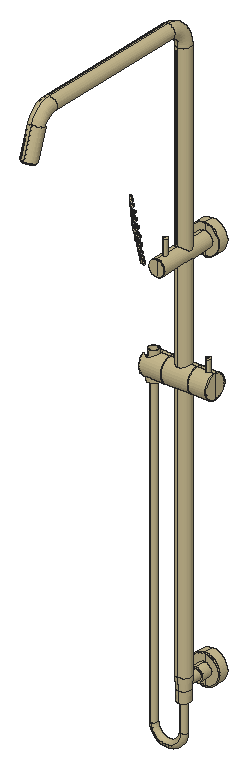
Revit family "Reece_Shower_Mizu_Drift_Twin Waterrail_No Overhead", category Plumbing Fixtures, host Face, Revit 2018
Family settings
  Host = Face
  Round Connector Dimension = Use Diameter
  Part Type = Normal
  Cut with Voids When Loaded = Yes
  Shared = Yes
  Room Calculation Point = Yes
Parameters (values of type "Brushed Nickel")
  URL = "https://www.reece.com.au/product/-9508905"
  Type Comments = "Shower"
  Reece_Shower_Inlet = 15 mm  # constant formula
  Reece_Shower_Clearance = 978 mm  # constant formula
  Reece_Product_Web Page = "https://www.reece.com.au/product/-9508905"
  Reece_Product_Type = "Shower"  # constant formula
  Reece_Product_Sub Brand = "Drift"  # constant formula
  Reece_Product_Number = "9508905"
  Reece_Product_Mount = "Wall Mounted"
  Reece_Product_Description = "Mizu Drift Twin Rail Shower and 120mm Handshower Only with Top Rail Water Inlet Brushed Gold (3 Star)"
  Reece_Product_Brand = "Mizu"  # constant formula
  Reece_Overall_Width = 334 mm  # constant formula
  Reece_Overall_Height = 1062 mm  # constant formula
  Reece_Material_Secondary = Reece_Plastic_White
  Reece_Material_Main = Reece_Brass_Brushed Gold
  Reece_Height_From_Level [instance] = 1800 mm
  Reece_Fixing_Distance = 665 mm  # constant formula
  Reece_Detail_Shape = ""
  Reece_Detail_Installation = ""
  Reece_Detail_Disclaimer = "THIS FILE IS THE PROPERTY OF THE REECE GROUP. IT MAY NOT BE REPRODUCED, REVERSE-ENGINEERED, OR MODIFIED. ANY REPUBLICATION, TRANSMISSION, OR DISTRIBUTION FOR THE PURPOSE OF COMMERCIALLY EXPLOITING THE FILES IS PROHIBITED."  # constant formula
  Reece_Detail_Connector = ""
  Reece_Detail_Additional = "No Overhead"  # constant formula
  Model = "Drift"
  Manufacturer = "Mizu"
  Keynote = "Product #9508905, Reece_Shower_Mizu_Drift_Twin Waterrail_No Overhead - Brushed Gold"
  Disclaimer = "THIS FILE IS THE PROPERTY OF THE REECE GROUP. IT MAY NOT BE REPRODUCED, REVERSE-ENGINEERED, OR MODIFIED. ANY REPUBLICATION, TRANSMISSION, OR DISTRIBUTION FOR THE PURPOSE OF COMMERCIALLY EXPLOITING THE FILES IS PROHIBITED."  # constant formula
  Description = "Mizu Drift Twin Rail Shower and 120mm Handshower Only with Top Rail Water Inlet Brushed Gold (3 Star)"
  Default Elevation = 0 mm
Types (4, lengths in mm): name | URL | Reece_Product_Web Page | Reece_Product_Number | Reece_Product_Description | Reece_Material_Main | Keynote | Description
  Brushed Nickel | "https://www.reece.com.au/product/-9508181" | "https://www.reece.com.au/product/-9508181" | "9508181" | "Mizu Drift Twin Rail Shower and 120mm Handshower Only with Top Rail Water Inlet Brushed Nickel (3 Star)" | Reece_Brass_Brushed Nickel | "Product #9508181, Reece_Shower_Mizu_Drift_Twin Waterrail_No Overhead - Brushed Nickel" | "Mizu Drift Twin Rail Shower and 120mm Handshower Only with Top Rail Water Inlet Brushed Nickel (3 Star)"
  Matte Black | "https://www.reece.com.au/product/-9505808" | "https://www.reece.com.au/product/-9505808" | "9505808" | "Mizu Drift Twin Rail Shower and 120mm Handshower Only with Top Rail Water Inlet Matte Black (3 Star)" | Reece_Brass_Matte Black | "Product #9505808, Reece_Shower_Mizu_Drift_Twin Waterrail_No Overhead - Matte Black" | "Mizu Drift Twin Rail Shower and 120mm Handshower Only with Top Rail Water Inlet Matte Black (3 Star)"
  Chrome | "https://www.reece.com.au/product/-9512141" | "https://www.reece.com.au/product/-9512141" | "9512141" | "Mizu Drift Twin Rail Shower and 120mm Handshower Only with Top Rail Water Inlet Chrome (3 Star)" | Reece_Brass_Chrome | "Product #9512141, Reece_Shower_Mizu_Drift_Twin Waterrail_No Overhead - Chrome" | "Mizu Drift Twin Rail Shower and 120mm Handshower Only with Top Rail Water Inlet Chrome (3 Star)"
  Brushed Brass | "https://www.reece.com.au/product/-4200237" | "https://www.reece.com.au/product/-4200237" | "4200237" | "Mizu Drift Twin Rail Shower and 120mm Handshower Only with Top Rail Water Inlet Brushed Brass (3 Star)" | Reece_Brass_Brushed | "Product #4200237, Reece_Shower_Mizu_Drift_Twin Waterrail_No Overhead - Brushed Brass" | "Mizu Drift Twin Rail Shower and 120mm Handshower Only with Top Rail Water Inlet Brushed Brass (3 Star)"
Reference planes
  plane 1 "Center (Front/Back)": y = 0
  plane 2 "Height From Floor": z = 1800
  plane 3 "Center (Left/Right)": x = 0
  plane 4 "Bottom Of Invisible Line": z = -5
  plane 5 "Mid Rail": y = -61.789
  plane 6: y = -407.135
  plane 7: x = -51.731
  plane 8: x = -62.01
  plane 9: x = 54.167
  plane 10: y = -395.789
  plane 11: z = 822
  plane 12: z = 850.028
  plane 13: z = 1884
  plane 14: z = 1515.028
Forms (mm)
  Revolve 1, solid, material "Reece_Brass_Brushed Gold" <- "Reece_Material_Main"
    sketch origin (0, 0, -549.972) x (0, 1, 0) y (0, 0, 1)
      loop
        line (-17.249, 2090.338) -> (-17.249, 2078.737) -> (-118.873, 2078.737) -> (-118.873, 2077.936) -> (-120.126, 2077.936) -> (-120.126, 2065) -> (0, 2065) -> (0, 2090.998) -> (-16.624, 2090.998) -> (-17.249, 2090.338)
      axis (0, 2065) -> (-120.126, 2065)
    angle from 0 to 360
  Sweep 2, solid, material "Reece_Brass_Brushed Gold" <- "Reece_Material_Main"
    path origin (0, 0, -955.372) x (0, 1, 0) y (0, 0, 1)
      loop
        line (-61.789, 1817.722) -> (-61.789, 2791.719)
        arc (-61.789, 2791.719) -> (-72.04, 2816.468) -> (-96.789, 2826.719) r 35
        line (-96.789, 2826.719) -> (-350.728, 2826.719)
        arc (-350.728, 2826.719) -> (-368.149, 2821.142) -> (-379.094, 2806.486) r 30
        line (-379.094, 2806.486) -> (-395.789, 2757.999)
    profile origin (0, -61.789, 1349.349) x (0, -1, 0) y (1, 0, 0)
      loop
        circle (0, 0) r 12
      loop
        circle (0, 0) r 11
  Revolve 3, solid, material "Reece_Brass_Brushed Gold" <- "Reece_Material_Main"
    sketch origin (0, 0, -955.372) x (0, 1, 0) y (0, 0, 1)
      loop
        line (-49.789, 1817.722) -> (-61.789, 1817.722) -> (-61.789, 1777.372) -> (-51.438, 1777.372) -> (-50.679, 1795.934) -> (-51.789, 1795.934) -> (-51.789, 1796.934) -> (-50.638, 1796.934) -> (-49.789, 1817.722)
      axis (-61.789, 1817.722) -> (-61.789, 1777.372)
    angle from 0 to 360
  Revolve 4, solid, material "Reece_Brass_Brushed Gold" <- "Reece_Material_Main"
    sketch origin (-4.375, -61.789, 822.25) x (0, 0, -1) y (-1, 0, 0)
      loop
        line (-523.643, 18.229) -> (-523.643, -27.21) -> (-513.559, -27.21) -> (-513.559, -28.17) -> (-523.643, -28.17) -> (-523.643, -57.581)
        arc (-523.643, -57.581) -> (-523.361, -58.26) -> (-522.683, -58.541) r 0.96
        line (-522.683, -58.541) -> (-503.085, -58.541) -> (-503.085, 57.614) -> (-522.56, 57.614)
        arc (-522.56, 57.614) -> (-523.279, 57.316) -> (-523.577, 56.597) r 1.016
        line (-523.577, 56.597) -> (-523.577, 19.18) -> (-513.559, 19.18) -> (-513.559, 18.229) -> (-523.643, 18.229)
      axis (-503.085, -58.541) -> (-503.085, 57.614)
    angle from 0 to 360
  Revolve 5, solid, material "Reece_Brass_Brushed Gold" <- "Reece_Material_Main"
    sketch origin (0, -17.5, -949.972) x (0, 1, 0) y (0, 0, 1)
      loop
        line (-388.739, 2753.626) -> (-384.931, 2764.514) -> (-375.649, 2761.268) -> (-375.184, 2762.596) -> (-385.274, 2766.125) -> (-389.401, 2754.323) -> (-388.739, 2753.626)
      axis (-379.456, 2750.38) -> (-375.184, 2762.596)
    angle from 0 to 360
  Sweep 6, solid, material "Reece_Brass_Brushed Gold" <- "Reece_Material_Main"
    path origin (-1514.172, -61.671, 96.646) x (0, 0, 1) y (-1, 0, 0)
      loop
        line (1239.727, -1462.441) -> (676.064, -1462.441)
        arc (676.064, -1462.441) -> (650.198, -1488.306) -> (676.064, -1514.172) r 25.866
        line (676.064, -1514.172) -> (725.354, -1514.172)
    profile origin (-51.731, -61.671, 1054.542) x (0, -1, 0) y (1, 0, 0)
      loop
        circle (0, 0) r 6
  Revolve 7, solid, material "Reece_Brass_Brushed Gold" <- "Reece_Material_Main"
    sketch origin (0, -1524, 1046.618) x (0, 0, 1) y (0, -1, 0)
      loop
        line (-196.589, -1524) -> (-170.589, -1524) -> (-170.589, -1507.8)
        arc (-170.589, -1507.8) -> (-170.897, -1507.058) -> (-171.639, -1506.751) r 1.05
        line (-171.639, -1506.751) -> (-184.589, -1506.751) -> (-184.589, -1488.8) -> (-188.589, -1488.8) -> (-188.589, -1462.211) -> (-196.589, -1462.211) -> (-196.589, -1524)
      axis (-196.589, -1524) -> (-196.589, -1462.211)
    angle from 0 to 360
  Revolve 8, solid, material "Reece_Brass_Brushed Gold" <- "Reece_Material_Main"
    sketch origin (-3.903, -61.789, 816.92) x (0, 0, -1) y (-1, 0, 0)
      loop
        line (-482.726, 47.828) -> (-482.726, 58.305) -> (-507.509, 59.508) -> (-507.509, 57.614) -> (-518.958, 57.614)
        arc (-518.958, 57.614) -> (-519.388, 57.436) -> (-519.567, 57.005) r 0.608
        line (-519.567, 57.005) -> (-519.567, 47.828) -> (-482.726, 47.828)
      axis (-482.726, 47.828) -> (-519.567, 47.828)
    angle from 0 to 360
  Extrusion 9, void
    sketch origin (-51.698, -61.831, 1347.989) x (-0.686766, 0.726878, 0) y (-0.726878, -0.686766, 0)
      loop
        arc (-2.221, 13.817) -> (-9.901, -9.83) -> (13.845, -2.46) r 14
        line (13.845, -2.46) -> (19.614, 3.234) -> (3.548, 19.512) -> (-2.221, 13.817)
    from 0 to -48.343
  Revolve 10, solid, material "Reece_Brass_Brushed Gold" <- "Reece_Material_Main"
    sketch origin (42.187, 0, 0) x (0, 1, 0) y (0, 0, 1)
      loop
        line (-61.789, 1366.392) -> (-64.289, 1366.392)
        arc (-64.289, 1366.392) -> (-64.996, 1366.099) -> (-65.289, 1365.392) r 1
        line (-65.289, 1365.392) -> (-65.289, 1323.942) -> (-61.789, 1323.942) -> (-61.789, 1366.392)
      axis (-61.789, 1323.942) -> (-61.789, 1366.392)
    angle from 0 to 360
  Revolve 11, solid, material "Reece_Brass_Brushed Gold" <- "Reece_Material_Main"
    sketch origin (0, 0, 0) x (0, 1, 0) y (0, 0, 1)
      loop
        line (-101.607, 1554.923) -> (-104.107, 1554.923)
        arc (-104.107, 1554.923) -> (-104.814, 1554.63) -> (-105.107, 1553.923) r 1
        line (-105.107, 1553.923) -> (-105.107, 1515.028) -> (-101.607, 1515.028) -> (-101.607, 1554.923)
      axis (-101.607, 1554.923) -> (-101.607, 1515.028)
    angle from 0 to 360
Cuts and joins
  Extrusion 9 cuts Revolve 4
  joined: Revolve 1, Sweep 2, Revolve 4, Revolve 10, Revolve 11
  joined: Revolve 3, Revolve 7
Lines and regions (mm)
  model lines, style "InvisibleLines"
    curve 1: line (0, 0, -5) -> (0, 0, 1515.028)
Text (mm)
  text "Reece ©" at (2723.259, -2566.144, 2727.409), in view "Reece Preview"
  text "Reece Copyright © 2018, Reece Ltd." at (-376.416, -475.683, 0), in view "Ref. Level"
Dimensions and locks
  "Reece_Height_From_Level": plane 2 "Height From Floor" to level
  "Reece_Overall_Height": plane 13 to plane 11
  "Reece_Shower_Clearance": plane 2 "Height From Floor" to plane 11
  plane 12 to plane 11 = 28.028 mm
  "Reece_Fixing_Distance": plane 12 to plane 14
  locked: plane 14 to plane 2 "Height From Floor" at 284.972
  aligned and locked: curve 1 to plane 14
  aligned and locked: Extrusion 9 to Revolve 8
Automatic sketch dimensions
  curve 1 to plane 3 "Center (Left/Right)" = 0 mm
  curve 1 to plane 4 "Bottom Of Invisible Line" = 0 mm
  curve 1 to plane 14 = 0 mm
  plane 14 to Revolve 1 sketch curve = 0 mm  (x2)
  Revolve 1 sketch curve to plane 1 "Center (Front/Back)" = 0 mm
  Revolve 1 sketch curve to Revolve 1 sketch curve = 16.624 mm
  Revolve 1 sketch curve to Revolve 1 sketch curve = 0.626 mm
  Revolve 1 sketch curve to plane 14 = 13.737 mm
  Revolve 1 sketch curve to plane 5 "Mid Rail" = 57.084 mm
  Revolve 1 sketch curve to Revolve 1 sketch curve = 1.252 mm
  Revolve 1 sketch curve to Revolve 1 sketch curve = 0.8 mm
  Revolve 1 sketch curve to Revolve 1 sketch curve = 11.602 mm
  Revolve 1 sketch curve to Revolve 1 sketch curve = 0.659 mm
  Revolve 1 sketch curve to Revolve 1 sketch curve = 69.203 mm
  Revolve 1 sketch curve to plane 1 "Center (Front/Back)" = 40.671 mm
  Sweep 2 sketch curve to plane 10 = 0 mm
  Sweep 2 sketch curve to plane 5 "Mid Rail" = 0 mm
  plane 10 to Sweep 2 sketch curve = 16.695 mm
  Sweep 2 sketch curve to plane 13 = 12.653 mm
  Sweep 2 sketch curve to Sweep 2 sketch curve = 28.366 mm
  Sweep 2 sketch curve to Sweep 2 sketch curve = 35 mm
  Sweep 2 sketch curve to Sweep 2 sketch curve = 30 mm
  plane 2 "Height From Floor" to Sweep 2 sketch curve = 2.628 mm
  Sweep 2 sketch curve to plane 12 = 12.322 mm
  Sweep 2 sketch curve to Sweep 2 sketch curve = 0 mm  (x2)
  Sweep 2 sketch curve to profile plane = 0 mm  (x2)
  Revolve 4 sketch curve to plane 3 "Center (Left/Right)" = 22.604 mm
  plane 14 to Revolve 4 sketch curve = 169.136 mm
  Revolve 4 sketch curve to plane 9 = 0.961 mm
  Revolve 4 sketch curve to Revolve 4 sketch curve = 0 mm  (x2)
  Revolve 4 sketch curve to Revolve 4 sketch curve = 0.066 mm
  Revolve 4 sketch curve to plane 9 = 0.001 mm
  Revolve 4 sketch curve to Revolve 4 sketch curve = 1.016 mm
  Revolve 4 sketch curve to Revolve 4 sketch curve = 10.084 mm
  Revolve 4 sketch curve to Revolve 4 sketch curve = 10.018 mm
  plane 8 to Revolve 4 sketch curve = 0.021 mm
  Revolve 4 sketch curve to Revolve 4 sketch curve = 19.475 mm
  plane 3 "Center (Left/Right)" to Revolve 4 sketch curve = 23.795 mm
  Revolve 4 sketch curve to Revolve 4 sketch curve = 0.96 mm
  Revolve 4 sketch curve to Revolve 4 sketch curve = 0.951 mm
  plane 9 to Revolve 4 sketch curve = 15.655 mm
  Revolve 4 sketch curve to plane 8 = 23.168 mm
  Revolve 5 sketch curve to plane 6 = 0.234 mm
  Revolve 5 sketch curve to plane 6 = 0.896 mm
  Revolve 5 sketch curve to plane 6 = 4.361 mm
  Revolve 5 sketch curve to Revolve 5 sketch curve = 0.343 mm
  plane 10 to Revolve 5 sketch curve = 2.64 mm
  Revolve 5 sketch curve to Revolve 5 sketch curve = 0.465 mm
  plane 2 "Height From Floor" to Revolve 5 sketch curve = 3.654 mm
  Revolve 5 sketch curve to Revolve 5 sketch curve = 0.697 mm
  Revolve 5 sketch curve to plane 10 = 0.224 mm
  plane 10 to Revolve 5 sketch curve = 8.203 mm
  plane 2 "Height From Floor" to Revolve 5 sketch curve = 3.104 mm
  Revolve 5 sketch curve to Revolve 5 sketch curve = 14.579 mm
  Sweep 6 sketch curve to plane 7 = 0 mm
  Sweep 6 sketch curve to plane 3 "Center (Left/Right)" = 0 mm
  Sweep 6 sketch curve to plane 11 = 0 mm
  Sweep 6 sketch curve to plane 11 = 49.29 mm
  plane 14 to Sweep 6 sketch curve = 178.655 mm
  Sweep 6 sketch curve to profile plane = 0 mm
  profile plane to Sweep 6 sketch curve = 0 mm
  Revolve 7 sketch curve to plane 5 "Mid Rail" = 0 mm  (x2)
  plane 12 to Revolve 7 sketch curve = 0 mm  (x2)
  Revolve 7 sketch curve to plane 1 "Center (Front/Back)" = 0 mm  (x2)
  Revolve 7 sketch curve to Revolve 7 sketch curve = 8 mm
  Revolve 7 sketch curve to Revolve 7 sketch curve = 4 mm
  Revolve 7 sketch curve to Revolve 7 sketch curve = 12.95 mm
  Revolve 7 sketch curve to Revolve 7 sketch curve = 1.05 mm
  plane 1 "Center (Front/Back)" to Revolve 7 sketch curve = 16.2 mm
  Revolve 7 sketch curve to Revolve 7 sketch curve = 17.951 mm
  Revolve 10 sketch curve to plane 5 "Mid Rail" = 0 mm  (x2)
  Revolve 10 sketch curve to plane 5 "Mid Rail" = 2.5 mm
  Revolve 10 sketch curve to Revolve 10 sketch curve = 1 mm
  plane 14 to Revolve 10 sketch curve = 191.086 mm
  Revolve 10 sketch curve to Revolve 10 sketch curve = 41.45 mm
  Revolve 10 sketch curve to Revolve 10 sketch curve = 31.499 mm
  Revolve 10 sketch curve to Revolve 10 sketch curve = 3.104 mm
  plane 14 to Revolve 11 sketch curve = 0 mm
  Revolve 11 sketch curve to plane 5 "Mid Rail" = 43.318 mm
  Revolve 11 sketch curve to Revolve 11 sketch curve = 1 mm
  Revolve 11 sketch curve to Revolve 11 sketch curve = 3.5 mm
  Revolve 11 sketch curve to plane 14 = 38.895 mm
  Revolve 11 sketch curve to Revolve 11 sketch curve = 0 mm  (x2)
  Revolve 11 sketch curve to Revolve 11 sketch curve = 20.105 mm
  plane 7 to Revolve 8 sketch curve = 0 mm  (x2)
  plane 8 to Revolve 8 sketch curve = 1.101 mm
  plane 14 to Revolve 8 sketch curve = 178.542 mm
  Revolve 8 sketch curve to Revolve 8 sketch curve = 0.608 mm
  Revolve 8 sketch curve to Revolve 8 sketch curve = 11.449 mm
  Revolve 8 sketch curve to Revolve 8 sketch curve = 24.783 mm
  Revolve 8 sketch curve to plane 8 = 0.198 mm
  Revolve 8 sketch curve to plane 8 = 1.401 mm
  Revolve 8 sketch curve to Revolve 8 sketch curve = 14.995 mm
  Revolve 8 sketch curve to Revolve 8 sketch curve = 8.164 mm
  nested 1 to Extrusion 9 sketch curve = 2.221 mm
  Extrusion 9 sketch curve to nested 1 = 0.063 mm
  Extrusion 9 sketch curve to nested 1 = 3.548 mm
  Extrusion 9 sketch curve to nested 1 = 19.614 mm
  Extrusion 9 sketch curve to Extrusion 9 sketch curve = 3.23 mm
  Extrusion 9 sketch curve to Extrusion 9 sketch curve = 13.812 mm
  Extrusion 9 sketch curve to Extrusion 9 sketch curve = 0 mm
  Revolve 3 sketch curve to plane 5 "Mid Rail" = 0 mm  (x2)
  plane 11 to Revolve 3 sketch curve = 0 mm
  plane 5 "Mid Rail" to Revolve 3 sketch curve = 10 mm
  plane 5 "Mid Rail" to Revolve 3 sketch curve = 10.352 mm
  Revolve 3 sketch curve to Revolve 3 sketch curve = 1.11 mm
  plane 5 "Mid Rail" to Revolve 3 sketch curve = 12 mm
  plane 11 to Revolve 3 sketch curve = 18.563 mm
  Revolve 3 sketch curve to plane 12 = 12.322 mm
  Revolve 3 sketch curve to Revolve 3 sketch curve = 0.041 mm
  Revolve 3 sketch curve to plane 11 = 53.187 mm
  Revolve 3 sketch curve to Revolve 3 sketch curve = 16.712 mm
  Revolve 3 sketch curve to Revolve 3 sketch curve = 1 mm
  radius of Sweep 2 sketch curve = 12 mm
  radius of Sweep 2 sketch curve = 11 mm
  radius of Sweep 6 sketch curve = 6 mm
Nested families
  nested 1: "Reece_Shower_Mizu_Drift_Shower Handpiece_Nested" at (-51.698, -61.831, 1336.373) x (0.6868, -0.7269, 0) z (0, 0, 1), Reece_Material_Main <- "Reece_Material_Main", Reece_Material_Colour <- "Reece_Material_Main", Reece_Material_Secondary <- "Reece_Material_Secondary", type "Chrome"
    with Reece_Material_Secondary Reece_Plastic_White, Reece_Material_Main Reece_Brass_Brushed Gold, Reece_Material_Colour Reece_Brass_Brushed Gold
Definition of nested family "Reece_Shower_Mizu_Drift_Shower Handpiece_Nested"
  Parameters (values of type "Chrome")
    Waste Connection = no
    WFU = 0
    Vent Connection = no
    URL = ""
    Type Comments = ""
    Reece_Material_Secondary [instance] = none
    Reece_Material_Main [instance] = none
    Reece_Material_Colour [instance] = none
    Model = ""
    Manufacturer = ""
    Keynote = ""
    HWFU = 0
    HW Connection = no
    Description = ""
    Default Elevation = 0 mm
    Cost = 0
    CWFU = 0
    CW Connection = no
    Assembly Code = ""
  Reference planes
    plane 1 "Center (Front/Back)": y = 0
    plane 2: z = 0
    plane 3 "Center (Left/Right)": x = 0
    plane 4: z = 255
    plane 5: x = -60
    plane 6: x = 60
  Forms (mm)
    Extrusion 1, solid
      sketch origin (619.2, 20, 0) x (1, 0, 0) y (0, 1, 0)
        loop
          line (-819.2, 180) -> (-819.2, -220) -> (-419.2, -220) -> (-419.2, 180) -> (-819.2, 180)
      from 0 to -35.776
    Revolve 2, solid, material <- "Reece_Material_Main"
      sketch origin (0, 0, 0) x (0, 1, 0) y (0, 0, 1)
        loop
          line (-7.5, 11.616) -> (-8.5, 11.616) -> (-8.5, 0) -> (-7.5, 0) -> (-7.5, 11.616)
        axis (0, 0) -> (0, 11.616)
      angle from 0 to 360
  Lines and regions (mm)
    symbolic lines
      curve 1: line (0, -22.136, 179.364) -> (0, -21.362, 176.008)
      curve 2: line (0, -26.02, 199.414) -> (0, -25.201, 193.587)
      curve 3: line (0, -19.431, 255) -> (0, -30.176, 252.685)
      curve 4: arc (0, 14.966, 137.397) -> (0, 14.959, 152.795) -> (0, 14.541, 168.187) r 577.554
      curve 5: arc (0, 14.541, 168.187) -> (0, 11.325, 194.182) -> (0, 3.089, 219.046) r 133.347
      curve 6: arc (0, 3.089, 219.046) -> (0, -3.855, 232.791) -> (0, -12.127, 245.779) r 155.227
      curve 7: line (0, 14.966, 137.397) -> (0, 14.842, 11.613)
      curve 8: arc (0, -12.127, 245.779) -> (0, -15.656, 250.487) -> (0, -19.431, 255) r 110.528
  Text (mm)
    text "Reece Copyright © 2018, Reece Ltd." at (-300.508, -247.823, 0), in view "Ref. Level"
    text "Reece ©" at (272.095, 31.797, 358.34), in view "Reece_Preview"
  Dimensions and locks
    aligned and locked: Extrusion 1 to plane 2
    aligned and locked: level to Extrusion 1
  Nested families
    nested 1: "Reece_Shower_Nib_Small_White_Nested" at (0.047, -29.828, 240.453) x (1, 0, 0) z (0, -0.9995, -0.0314), Reece_Material_Secondary <- "Reece_Material_Secondary", type "Reece_Shower_Nib_Small_White_Nested", detail levels fine
      with Reece_Material_Secondary none
    nested 2: "Reece_Shower_Nib_Small_White_Nested" at (0.014, -29.356, 230.37) x (1, -0.0001, 0) z (-0.0001, -0.9981, -0.0622), Reece_Material_Secondary <- "Reece_Material_Secondary", type "Reece_Shower_Nib_Small_White_Nested", detail levels fine
      with Reece_Material_Secondary none
    nested 3: "Reece_Shower_Nib_Small_White_Nested" at (-11.457, -29.522, 238.899) x (0.999, -0.0437, -0.0016) z (-0.0438, -0.9984, -0.0362), Reece_Material_Secondary <- "Reece_Material_Secondary", type "Reece_Shower_Nib_Small_White_Nested", detail levels fine
      with Reece_Material_Secondary none
    nested 4: "Reece_Shower_Nib_Small_White_Nested" at (-10.961, -29.009, 228.585) x (0.9991, -0.0417, -0.0028) z (-0.0418, -0.9969, -0.0672), Reece_Material_Secondary <- "Reece_Material_Secondary", type "Reece_Shower_Nib_Small_White_Nested", detail levels fine
      with Reece_Material_Secondary none
    nested 5: "Reece_Shower_Nib_Small_White_Nested" at (-22.227, -28.646, 234.601) x (0.9964, -0.0844, -0.0042) z (-0.0845, -0.9952, -0.0495), Reece_Material_Secondary <- "Reece_Material_Secondary", type "Reece_Shower_Nib_Small_White_Nested", detail levels fine
      with Reece_Material_Secondary none
    nested 6: "Reece_Shower_Nib_Small_White_Nested" at (-20.896, -28.033, 223.651) x (0.9968, -0.0801, -0.0066) z (-0.0804, -0.9934, -0.082), Reece_Material_Secondary <- "Reece_Material_Secondary", type "Reece_Shower_Nib_Small_White_Nested", detail levels fine
      with Reece_Material_Secondary none
    nested 7: "Reece_Shower_Nib_Small_White_Nested" at (-10.667, -28.148, 218.098) x (0.9992, -0.0397, -0.0039) z (-0.0398, -0.9943, -0.0986), Reece_Material_Secondary <- "Reece_Material_Secondary", type "Reece_Shower_Nib_Small_White_Nested", detail levels fine
      with Reece_Material_Secondary none
    nested 8: "Reece_Shower_Nib_Small_White_Nested" at (-31.48, -27.295, 228.138) x (0.9925, -0.1222, -0.0087) z (-0.1226, -0.9899, -0.0708), Reece_Material_Secondary <- "Reece_Material_Secondary", type "Reece_Shower_Nib_Small_White_Nested", detail levels fine
      with Reece_Material_Secondary none
    nested 9: "Reece_Shower_Nib_Small_White_Nested" at (-38.867, -25.492, 219.34) x (0.9878, -0.1547, -0.0157) z (-0.1555, -0.9828, -0.0997), Reece_Material_Secondary <- "Reece_Material_Secondary", type "Reece_Shower_Nib_Small_White_Nested", detail levels fine
      with Reece_Material_Secondary none
    nested 10: "Reece_Shower_Nib_Small_White_Nested" at (-29.059, -26.493, 215.994) x (0.9932, -0.1154, -0.0126) z (-0.1161, -0.9874, -0.1075), Reece_Material_Secondary <- "Reece_Material_Secondary", type "Reece_Shower_Nib_Small_White_Nested", detail levels fine
      with Reece_Material_Secondary none
    nested 11: "Reece_Shower_Nib_Small_White_Nested" at (-19.251, -26.973, 211.851) x (0.9971, -0.0752, -0.009) z (-0.0757, -0.9901, -0.1184), Reece_Material_Secondary <- "Reece_Material_Secondary", type "Reece_Shower_Nib_Small_White_Nested", detail levels fine
      with Reece_Material_Secondary none
    nested 12: "Reece_Shower_Nib_Small_White_Nested" at (-0.009, -28.57, 220.269) x (1, -0.0002, 0) z (-0.0002, -0.9957, -0.093), Reece_Material_Secondary <- "Reece_Material_Secondary", type "Reece_Shower_Nib_Small_White_Nested", detail levels fine
      with Reece_Material_Secondary none
    nested 13: "Reece_Shower_Nib_Small_White_Nested" at (-24.777, -25.207, 202.516) x (0.9949, -0.1001, -0.0153) z (-0.1012, -0.9834, -0.1507), Reece_Material_Secondary <- "Reece_Material_Secondary", type "Reece_Shower_Nib_Small_White_Nested", detail levels fine
      with Reece_Material_Secondary none
    nested 14: "Reece_Shower_Nib_Small_White_Nested" at (-43.776, -23.407, 208.889) x (0.9838, -0.1778, -0.0245) z (-0.1795, -0.9746, -0.1341), Reece_Material_Secondary <- "Reece_Material_Secondary", type "Reece_Shower_Nib_Small_White_Nested", detail levels fine
      with Reece_Material_Secondary none
    nested 15: "Reece_Shower_Nib_Small_White_Nested" at (-46.001, -21.185, 197.607) x (0.9811, -0.1906, -0.0346) z (-0.1937, -0.9652, -0.1755), Reece_Material_Secondary <- "Reece_Material_Secondary", type "Reece_Shower_Nib_Small_White_Nested", detail levels fine
      with Reece_Material_Secondary none
    nested 16: "Reece_Shower_Nib_Small_White_Nested" at (-36.097, -22.465, 194.992) x (0.9885, -0.1486, -0.028) z (-0.1512, -0.9714, -0.183), Reece_Material_Secondary <- "Reece_Material_Secondary", type "Reece_Shower_Nib_Small_White_Nested", detail levels fine
      with Reece_Material_Secondary none
    nested 17: "Reece_Shower_Nib_Small_White_Nested" at (-25.74, -23.306, 192.227) x (0.9942, -0.1055, -0.021) z (-0.1076, -0.9752, -0.1937), Reece_Material_Secondary <- "Reece_Material_Secondary", type "Reece_Shower_Nib_Small_White_Nested", detail levels fine
      with Reece_Material_Secondary none
    nested 18: "Reece_Shower_Nib_Small_White_Nested" at (-22.673, -21.404, 182.122) x (0.9955, -0.0926, -0.022) z (-0.0951, -0.9686, -0.2298), Reece_Material_Secondary <- "Reece_Material_Secondary", type "Reece_Shower_Nib_Small_White_Nested", detail levels fine
      with Reece_Material_Secondary none
    nested 19: "Reece_Shower_Nib_Small_White_Nested" at (-34.036, -20.45, 183.982) x (0.9898, -0.139, -0.0324) z (-0.1427, -0.9639, -0.2246), Reece_Material_Secondary <- "Reece_Material_Secondary", type "Reece_Shower_Nib_Small_White_Nested", detail levels fine
      with Reece_Material_Secondary none
    nested 20: "Reece_Shower_Nib_Small_White_Nested" at (-44.97, -19.067, 186.243) x (0.9814, -0.1872, -0.0425) z (-0.192, -0.957, -0.2173), Reece_Material_Secondary <- "Reece_Material_Secondary", type "Reece_Shower_Nib_Small_White_Nested", detail levels fine
      with Reece_Material_Secondary none
    nested 21: "Reece_Shower_Nib_Small_White_Nested" at (-41.378, -17.118, 175.502) x (0.9841, -0.1718, -0.0454) z (-0.1777, -0.9514, -0.2514), Reece_Material_Secondary <- "Reece_Material_Secondary", type "Reece_Shower_Nib_Small_White_Nested", detail levels fine
      with Reece_Material_Secondary none
    nested 22: "Reece_Shower_Nib_Small_White_Nested" at (-29.136, -18.673, 174.096) x (0.9923, -0.1201, -0.0314) z (-0.1241, -0.96, -0.2508), Reece_Material_Secondary <- "Reece_Material_Secondary", type "Reece_Shower_Nib_Small_White_Nested", detail levels fine
      with Reece_Material_Secondary none
    nested 23: "Reece_Shower_Nib_Small_White_Nested" at (-15.261, -20.125, 174.21) x (0.997, -0.0751, -0.0186) z (-0.0773, -0.9678, -0.2397), Reece_Material_Secondary <- "Reece_Material_Secondary", type "Reece_Shower_Nib_Small_White_Nested", detail levels fine
      with Reece_Material_Secondary none
    nested 24: "Reece_Shower_Nib_Small_White_Nested" at (-34.784, -15.561, 165.766) x (0.9882, -0.1474, -0.0427) z (-0.1534, -0.9491, -0.275), Reece_Material_Secondary <- "Reece_Material_Secondary", type "Reece_Shower_Nib_Small_White_Nested", detail levels fine
      with Reece_Material_Secondary none
    nested 25: "Reece_Shower_Nib_Small_White_Nested" at (-21.264, -17.515, 166.328) x (0.9947, -0.0991, -0.0271) z (-0.1028, -0.9595, -0.2623), Reece_Material_Secondary <- "Reece_Material_Secondary", type "Reece_Shower_Nib_Small_White_Nested", detail levels fine
      with Reece_Material_Secondary none
    nested 26: "Reece_Shower_Nib_Small_White_Nested" at (-26.304, -14.522, 158.05) x (0.9918, -0.1223, -0.0371) z (-0.1278, -0.9491, -0.2878), Reece_Material_Secondary <- "Reece_Material_Secondary", type "Reece_Shower_Nib_Small_White_Nested", detail levels fine
      with Reece_Material_Secondary none
    nested 27: "Reece_Shower_Nib_Big_White_Nested" at (0.001, -27.136, 207.583) x (1, -0.0001, 0) z (-0.0001, -0.9913, -0.1317), Reece_Material_Secondary <- "Reece_Material_Secondary", type "Reece_Shower_Nib_Big_White_Nested", detail levels fine
      with Reece_Material_Secondary none
    nested 28: "Reece_Shower_Nib_Big_White_Nested" at (-10.533, -26.172, 202.161) x (0.9992, -0.0392, -0.0059) z (-0.0396, -0.988, -0.1491), Reece_Material_Secondary <- "Reece_Material_Secondary", type "Reece_Shower_Nib_Big_White_Nested", detail levels fine
      with Reece_Material_Secondary none
    nested 29: "Reece_Shower_Nib_Big_White_Nested" at (-10.619, -23.536, 187.593) x (0.9989, -0.0468, -0.01) z (-0.0478, -0.9767, -0.2093), Reece_Material_Secondary <- "Reece_Material_Secondary", type "Reece_Shower_Nib_Big_White_Nested", detail levels fine
      with Reece_Material_Secondary none
    nested 30: "Reece_Shower_Nib_Big_White_Nested" at (-0.022, -22.702, 182.004) x (1, -0.0008, -0.0002) z (-0.0008, -0.9778, -0.2097), Reece_Material_Secondary <- "Reece_Material_Secondary", type "Reece_Shower_Nib_Big_White_Nested", detail levels fine
      with Reece_Material_Secondary none
    nested 31: "Reece_Shower_Nib_Small_White_Nested" at (-34.35, -24.717, 205.754) x (0.9949, -0.1001, -0.0153) z (-0.1012, -0.9834, -0.1507), Reece_Material_Secondary <- "Reece_Material_Secondary", type "Reece_Shower_Nib_Small_White_Nested", detail levels fine
      with Reece_Material_Secondary none
    nested 32: "Reece_Shower_Nib_Small_White_Nested" at (11.457, -29.522, 238.899) x (-0.999, -0.0437, -0.0016) z (0.0438, -0.9984, -0.0362), Reece_Material_Secondary <- "Reece_Material_Secondary", type "Reece_Shower_Nib_Small_White_Nested", detail levels fine
      with Reece_Material_Secondary none
    nested 33: "Reece_Shower_Nib_Small_White_Nested" at (10.961, -29.009, 228.585) x (-0.9991, -0.0417, -0.0028) z (0.0418, -0.9969, -0.0672), Reece_Material_Secondary <- "Reece_Material_Secondary", type "Reece_Shower_Nib_Small_White_Nested", detail levels fine
      with Reece_Material_Secondary none
    nested 34: "Reece_Shower_Nib_Small_White_Nested" at (22.227, -28.646, 234.601) x (-0.9964, -0.0844, -0.0042) z (0.0845, -0.9952, -0.0495), Reece_Material_Secondary <- "Reece_Material_Secondary", type "Reece_Shower_Nib_Small_White_Nested", detail levels fine
      with Reece_Material_Secondary none
    nested 35: "Reece_Shower_Nib_Small_White_Nested" at (20.896, -28.033, 223.651) x (-0.9968, -0.0801, -0.0066) z (0.0804, -0.9934, -0.082), Reece_Material_Secondary <- "Reece_Material_Secondary", type "Reece_Shower_Nib_Small_White_Nested", detail levels fine
      with Reece_Material_Secondary none
    nested 36: "Reece_Shower_Nib_Small_White_Nested" at (10.667, -28.148, 218.098) x (-0.9992, -0.0397, -0.0039) z (0.0398, -0.9943, -0.0986), Reece_Material_Secondary <- "Reece_Material_Secondary", type "Reece_Shower_Nib_Small_White_Nested", detail levels fine
      with Reece_Material_Secondary none
    nested 37: "Reece_Shower_Nib_Small_White_Nested" at (31.48, -27.295, 228.138) x (-0.9925, -0.1222, -0.0087) z (0.1226, -0.9899, -0.0708), Reece_Material_Secondary <- "Reece_Material_Secondary", type "Reece_Shower_Nib_Small_White_Nested", detail levels fine
      with Reece_Material_Secondary none
    nested 38: "Reece_Shower_Nib_Small_White_Nested" at (38.867, -25.492, 219.34) x (-0.9878, -0.1547, -0.0157) z (0.1555, -0.9828, -0.0997), Reece_Material_Secondary <- "Reece_Material_Secondary", type "Reece_Shower_Nib_Small_White_Nested", detail levels fine
      with Reece_Material_Secondary none
    nested 39: "Reece_Shower_Nib_Small_White_Nested" at (19.251, -26.973, 211.851) x (-0.9971, -0.0752, -0.009) z (0.0757, -0.9901, -0.1184), Reece_Material_Secondary <- "Reece_Material_Secondary", type "Reece_Shower_Nib_Small_White_Nested", detail levels fine
      with Reece_Material_Secondary none
    nested 40: "Reece_Shower_Nib_Small_White_Nested" at (29.059, -26.493, 215.994) x (-0.9932, -0.1154, -0.0126) z (0.1161, -0.9874, -0.1075), Reece_Material_Secondary <- "Reece_Material_Secondary", type "Reece_Shower_Nib_Small_White_Nested", detail levels fine
      with Reece_Material_Secondary none
    nested 41: "Reece_Shower_Nib_Small_White_Nested" at (24.777, -25.207, 202.516) x (-0.9949, -0.1001, -0.0153) z (0.1012, -0.9834, -0.1507), Reece_Material_Secondary <- "Reece_Material_Secondary", type "Reece_Shower_Nib_Small_White_Nested", detail levels fine
      with Reece_Material_Secondary none
    nested 42: "Reece_Shower_Nib_Small_White_Nested" at (43.776, -23.407, 208.889) x (-0.9838, -0.1778, -0.0245) z (0.1795, -0.9746, -0.1341), Reece_Material_Secondary <- "Reece_Material_Secondary", type "Reece_Shower_Nib_Small_White_Nested", detail levels fine
      with Reece_Material_Secondary none
    nested 43: "Reece_Shower_Nib_Small_White_Nested" at (46.001, -21.185, 197.607) x (-0.9811, -0.1906, -0.0346) z (0.1937, -0.9652, -0.1755), Reece_Material_Secondary <- "Reece_Material_Secondary", type "Reece_Shower_Nib_Small_White_Nested", detail levels fine
      with Reece_Material_Secondary none
    nested 44: "Reece_Shower_Nib_Small_White_Nested" at (36.097, -22.465, 194.992) x (-0.9885, -0.1486, -0.028) z (0.1512, -0.9714, -0.183), Reece_Material_Secondary <- "Reece_Material_Secondary", type "Reece_Shower_Nib_Small_White_Nested", detail levels fine
      with Reece_Material_Secondary none
    nested 45: "Reece_Shower_Nib_Small_White_Nested" at (25.74, -23.306, 192.227) x (-0.9942, -0.1055, -0.021) z (0.1076, -0.9752, -0.1937), Reece_Material_Secondary <- "Reece_Material_Secondary", type "Reece_Shower_Nib_Small_White_Nested", detail levels fine
      with Reece_Material_Secondary none
    nested 46: "Reece_Shower_Nib_Small_White_Nested" at (22.673, -21.404, 182.122) x (-0.9955, -0.0926, -0.022) z (0.0951, -0.9686, -0.2298), Reece_Material_Secondary <- "Reece_Material_Secondary", type "Reece_Shower_Nib_Small_White_Nested", detail levels fine
      with Reece_Material_Secondary none
    nested 47: "Reece_Shower_Nib_Small_White_Nested" at (34.036, -20.45, 183.982) x (-0.9898, -0.139, -0.0324) z (0.1427, -0.9639, -0.2246), Reece_Material_Secondary <- "Reece_Material_Secondary", type "Reece_Shower_Nib_Small_White_Nested", detail levels fine
      with Reece_Material_Secondary none
    nested 48: "Reece_Shower_Nib_Small_White_Nested" at (44.97, -19.067, 186.243) x (-0.9814, -0.1872, -0.0425) z (0.192, -0.957, -0.2173), Reece_Material_Secondary <- "Reece_Material_Secondary", type "Reece_Shower_Nib_Small_White_Nested", detail levels fine
      with Reece_Material_Secondary none
    nested 49: "Reece_Shower_Nib_Small_White_Nested" at (41.378, -17.118, 175.502) x (-0.9841, -0.1718, -0.0454) z (0.1777, -0.9514, -0.2514), Reece_Material_Secondary <- "Reece_Material_Secondary", type "Reece_Shower_Nib_Small_White_Nested", detail levels fine
      with Reece_Material_Secondary none
    nested 50: "Reece_Shower_Nib_Small_White_Nested" at (29.136, -18.673, 174.096) x (-0.9923, -0.1201, -0.0314) z (0.1241, -0.96, -0.2508), Reece_Material_Secondary <- "Reece_Material_Secondary", type "Reece_Shower_Nib_Small_White_Nested", detail levels fine
      with Reece_Material_Secondary none
    nested 51: "Reece_Shower_Nib_Small_White_Nested" at (15.261, -20.125, 174.21) x (-0.997, -0.0751, -0.0186) z (0.0773, -0.9678, -0.2397), Reece_Material_Secondary <- "Reece_Material_Secondary", type "Reece_Shower_Nib_Small_White_Nested", detail levels fine
      with Reece_Material_Secondary none
    nested 52: "Reece_Shower_Nib_Small_White_Nested" at (34.784, -15.561, 165.766) x (-0.9882, -0.1474, -0.0427) z (0.1534, -0.9491, -0.275), Reece_Material_Secondary <- "Reece_Material_Secondary", type "Reece_Shower_Nib_Small_White_Nested", detail levels fine
      with Reece_Material_Secondary none
    nested 53: "Reece_Shower_Nib_Small_White_Nested" at (21.264, -17.515, 166.328) x (-0.9947, -0.0991, -0.0271) z (0.1028, -0.9595, -0.2623), Reece_Material_Secondary <- "Reece_Material_Secondary", type "Reece_Shower_Nib_Small_White_Nested", detail levels fine
      with Reece_Material_Secondary none
    nested 54: "Reece_Shower_Nib_Small_White_Nested" at (26.304, -14.522, 158.05) x (-0.9918, -0.1223, -0.0371) z (0.1278, -0.9491, -0.2878), Reece_Material_Secondary <- "Reece_Material_Secondary", type "Reece_Shower_Nib_Small_White_Nested", detail levels fine
      with Reece_Material_Secondary none
    nested 55: "Reece_Shower_Nib_Small_White_Nested" at (34.158, -24.539, 205.696) x (0.9902, 0.1381, 0.02) z (0.1396, -0.98, -0.1418), Reece_Material_Secondary <- "Reece_Material_Secondary", type "Reece_Shower_Nib_Small_White_Nested", detail levels fine
      with Reece_Material_Secondary none
    nested 56: "Reece_Shower_Nib_Big_White_Nested" at (10.533, -26.172, 202.161) x (-0.9992, -0.0392, -0.0059) z (0.0396, -0.988, -0.1491), Reece_Material_Secondary <- "Reece_Material_Secondary", type "Reece_Shower_Nib_Big_White_Nested", detail levels fine
      with Reece_Material_Secondary none
    nested 57: "Reece_Shower_Nib_Big_White_Nested" at (10.619, -23.536, 187.593) x (-0.9989, -0.0468, -0.01) z (0.0478, -0.9767, -0.2093), Reece_Material_Secondary <- "Reece_Material_Secondary", type "Reece_Shower_Nib_Big_White_Nested", detail levels fine
      with Reece_Material_Secondary none
    nested 58: "Reece_Shower_Nib_Circle_Nested" at (-0.035, -17.197, 160.053) x (1, -0.0006, -0.0002) z (-0.0006, -0.961, -0.2766), Reece_Material_Main <- "Reece_Material_Main", type "Reece_Shower_Nib_Circle_Nested"
      with Reece_Material_Main none
  Definition of nested family "Reece_Shower_Nib_Small_White_Nested"
    Parameters (values of type "Reece_Shower_Nib_Small_White_Nested")
      Reece_Material_Secondary [instance] = none
      Default Elevation = 0 mm
    Reference planes
      plane 1 "Center (Front/Back)": y = 0
      plane 2: z = 0
      plane 3 "Center (Left/Right)": x = 0
    Forms (mm)
      Extrusion 1, solid
        sketch origin (0, 0, 0) x (1, 0, 0) y (0, 1, 0)
          loop
            line (-9.945, 8.653) -> (-9.945, -8.495) -> (9.512, -8.495) -> (9.512, 8.653) -> (-9.945, 8.653)
        from 0 to -2
      Revolve 2, solid, material <- "Reece_Material_Secondary", detail levels fine
        sketch origin (0, -226.111, 0) x (0, 1, 0) y (0, 0, 1)
          loop
            line (228.111, 0) -> (228.111, 1.5)
            arc (228.111, 1.5) -> (227.965, 1.854) -> (227.611, 2) r 0.5
            line (227.611, 2) -> (226.611, 2) -> (226.611, 0) -> (228.111, 0)
          axis (226.111, 0) -> (226.111, 2)
        angle from 0 to 360
    Text (mm)
      text "Reece ©" at (671.782, -497.484, 486.721), in view "Reece_Preview"
    Dimensions and locks
      aligned and locked: plane 2 to Extrusion 1
      aligned and locked: level to Extrusion 1
  Definition of nested family "Reece_Shower_Nib_Big_White_Nested"
    Parameters (values of type "Reece_Shower_Nib_Big_White_Nested")
      Reece_Material_Secondary [instance] = none
      Default Elevation = 0 mm
    Reference planes
      plane 1 "Center (Front/Back)": y = 0
      plane 2: z = 0
      plane 3 "Center (Left/Right)": x = 0
    Forms (mm)
      Extrusion 1, solid
        sketch origin (0, 0, 0) x (1, 0, 0) y (0, 1, 0)
          loop
            line (-9.945, 8.653) -> (-9.945, -8.495) -> (9.512, -8.495) -> (9.512, 8.653) -> (-9.945, 8.653)
        from 0 to -2
      Revolve 2, solid, material <- "Reece_Material_Secondary", detail levels fine
        sketch origin (0, -226.111, 0) x (0, 1, 0) y (0, 0, 1)
          loop
            line (227.111, 2.453) -> (227.111, 0) -> (228.811, 0) -> (228.811, 1.953)
            arc (228.811, 1.953) -> (228.665, 2.307) -> (228.311, 2.453) r 0.5
            line (228.311, 2.453) -> (227.111, 2.453)
          axis (226.111, 0) -> (226.111, 2.453)
        angle from 0 to 360
    Text (mm)
      text "Reece ©" at (674.707, -492.497, 487.989), in view "Reece_Preview"
    Dimensions and locks
      aligned and locked: plane 2 to Extrusion 1
      aligned and locked: level to Extrusion 1
  Definition of nested family "Reece_Shower_Nib_Circle_Nested"
    Parameters (values of type "Reece_Shower_Nib_Circle_Nested")
      Reece_Material_Main [instance] = none
      Default Elevation = 0 mm
    Reference planes
      plane 1 "Center (Front/Back)": y = 0
      plane 2: z = 0
      plane 3 "Center (Left/Right)": x = 0
    Forms (mm)
      Extrusion 1, solid
        sketch origin (0, 0, 0) x (1, 0, 0) y (0, 1, 0)
          loop
            line (-21.52, 20) -> (-21.52, -19.502) -> (20.947, -19.502) -> (20.947, 20) -> (-21.52, 20)
        from 0 to -2
      Revolve 2, solid, material <- "Reece_Material_Main"
        sketch origin (0, -226.111, 0) x (0, 1, 0) y (0, 0, 1)
          loop
            line (226.111, 6) -> (226.111, 0) -> (239.111, 0) -> (239.111, 6) -> (226.111, 6)
          axis (226.111, 0) -> (226.111, 6)
        angle from 0 to 360
      Extrusion 3, void
        sketch origin (0, 0, 0) x (0, 1, 0) y (0, 0, 1)
          loop
            line (13.507, 2.054) -> (13.507, 8.104) -> (-16.259, 8.104) -> (-16.259, 5.088)
            arc (-16.259, 5.088) -> (-1.476, 2.588) -> (13.507, 2.054) r 113.758
        from -14.088 to 17.744
    Cuts and joins
      Extrusion 3 cuts Revolve 2
    Text (mm)
      text "Reece ©" at (563.97, -536.423, 566.024), in view "Reece_Preview"
    Dimensions and locks
      aligned and locked: plane 2 to Extrusion 1
      aligned and locked: level to Extrusion 1
